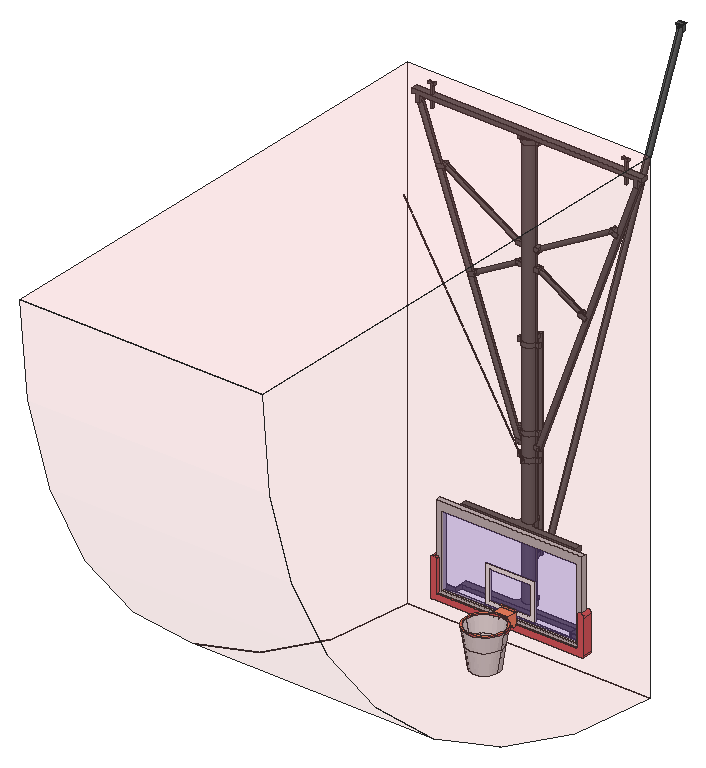
Revit family "Gymnasium-Eqpt_Basketball_IPIbybison_IP1350FF-XtraHeight", category Specialty Equipment, Revit 2018
Family settings
  Round Connector Dimension = Use Diameter
  Part Type = Normal
  Always vertical = Yes
  Cut with Voids When Loaded = No
  Shared = No
  Room Calculation Point = No
Parameters (values of type "Front Fold Rear Braced")
  Warranty Duration (Years) = 0
  Unit Weight [instance] = 0
  URL = "https://ipibybison.com/"
  Swing Clearance Visible [instance] = yes
  Specification = ""
  SpecWizard = ""
  Set Frame Below Truss Level [instance] = -0' - 1"
  Sales Information = "https://ipibybison.com/ArchitectsPage.php"
  Rim Color [instance] = Plastic - IPI by Bison - Orange OR
  Revision = "R1_01-2018"
  Product Properties = ""
  Product Data = "http://www.arcat.com/arcatcos/cos49/arc49571.html"
  Net Color [instance] = Finish - IPI by Bison - White Netting
  Model = "IP1350FF 23'"
  Manufacturer Website = "https://ipibybison.com/"
  Manufacturer Phone - Toll Free = "800-637-7968"
  Manufacturer Phone = ""
  Manufacturer Fax = "800-638-0698"
  Manufacturer Address = "603 L St  Lincoln, NE 68508"
  Manufacturer = "IPI by Bison"
  Maintenance Schedule (Months) = 0
  Installation-Fabrication = ""
  Installation Phase = ""
  Green Building-LEED = ""
  Glass [instance] = Glass
  Frame Finish [instance] = Finish - IPI by Bison - Black
  Folding Clearance [instance] = ARCAT Clearance
  F_Length of Piping Below Brace Point [instance] = 1' - 6"
  FF to Top of Hoop [instance] = 10' - 0"
  Expected Lifespan (Years) = 0
  Drawn By = "Sumex Design, Inc. / Robert S. Weygant, CSI, CDT, SCIP"
  Description = "IPI by Bison Front Folding Basketball Frame and Backboard - IP1350FF 28' as Specified"
  Copyright = "©Arcat Inc."
  Construction Details = ""
  C_Distance to Lift Cable [instance] = 6' - 6.37923"
  Backboard Type = Backboard_BA42XLGlass : Backboard_BA42XLGlass
  Backboard Square Color [instance] = Finish - IPI by Bison - White
  Backboard Padding Color [instance] = Plastic - IPI by Bison - Scarlet SC
  Backboard Frame Color [instance] = Finish - IPI by Bison - Satin Aluminum
  Backboard Distance from Wall [instance] = 7' - 0"
  B_Distance Between Y Frame Supports [instance] = 8' - 0"  # constant formula
  Available Options = "as Specified"
  A_Distance to Brace [instance] = 7' - 10"
Reference planes (in)
  plane 1 "Center (Front/Back)": y = 0
  plane 2: z = 0
  plane 3 "Center (Left/Right)": x = 0
  plane 4: y = -84
  plane 5: x = -48
  plane 6: x = 48
  plane 7: z = 120
Forms (in)
  Revolve 1, solid, material "ARCAT Clearance" <- "Folding Clearance", visible <- "Swing Clearance Visible"
    sketch origin (-24.35865, -84, 48) x (-1, 0, 0) y (0, 0, 1)
      loop
        line (35.64135, 288) -> (-84.35865, 288) -> (-84.35865, 48) -> (35.64135, 48) -> (35.64135, 288)
      axis (35.64135, 288) -> (-84.35865, 288)
    angle from 0 to 90
Dimensions and locks (in)
  "Backboard Distance from Wall": plane 4 to plane 1 "Center (Front/Back)"
  equal spacing: plane 5, plane 3 "Center (Left/Right)", plane 6
  "B_Distance Between Y Frame Supports": plane 5 to plane 6
  "FF to Top of Hoop": plane 7 to level
  locked: plane 6 to Revolve 1 sketch curve at 12
  locked: Revolve 1 sketch curve to plane 5 at 12
  locked: plane 7 to Revolve 1 sketch curve at 24
  aligned and locked: level to plane 2
  aligned and locked: nested 2 to plane 4
  aligned and locked: plane 4 to nested 1
  aligned and locked: Revolve 1 sketch curve to level
  aligned and locked: level to Revolve 1 sketch curve
Automatic sketch dimensions
  plane 6 to Revolve 1 sketch curve = 0' - 4.26312"
  Revolve 1 sketch curve to plane 5 = 0' - 0.73688"
Nested families (in)
  nested 1: "Backboard_BA42XLGlass" at (0, -84, 120) x (-1, 0, 0) z (0, 0, 1), built-in parameter 1001364 <- "FF to Top of Hoop", backboard color <- "Backboard Frame Color", backboard square color <- "Backboard Square Color", frame finish <- "Frame Finish", glass <- "Glass", rim finish <- "Rim Color", net color <- "Net Color", padding color <- "Backboard Padding Color", height offset <- "FF to Top of Hoop", type "Backboard_BA42XLGlass"
    with rim finish Plastic - IPI by Bison - Orange OR, padding color Plastic - IPI by Bison - Scarlet SC, net color Finish - IPI by Bison - White Netting, height offset 10' - 0", glass Glass, frame finish Finish - IPI by Bison - Black, backboard square color Finish - IPI by Bison - White, backboard color Finish - IPI by Bison - Satin Aluminum
  nested 2: "Frame_FFRB28" at (0, -84, 335), built-in parameter 1001364 <- "Set Frame Below Truss Level", a <- "A_Distance to Brace", b <- "B_Distance Between Y Frame Supports", f <- "F_Length of Piping Below Brace Point", frame <- "Frame Finish", c <- "C_Distance to Lift Cable", type "Frame_FFRB28"
    with frame Finish - IPI by Bison - Black, f 1' - 6", c 6' - 6.37923", b 8' - 0", a 7' - 10"
Definition of nested family "Backboard_BA42XLGlass"
  Parameters (values of type "Backboard_BA42XLGlass")
    padding color [instance] = none
    net color [instance] = none
    rim finish [instance] = none
    height offset [instance] = 9' - 6"
    glass [instance] = none
    frame finish [instance] = none
    backboard square color [instance] = none
    backboard color [instance] = none
    Default Elevation = 4' - 0"
  Reference planes (in)
    plane 1 "Center (Front/Back)": y = 0
    plane 2: z = 0
    plane 3 "Center (Left/Right)": x = 0
    plane 4: z = -114
  Forms (in)
    Extrusion 1, solid, material <- "backboard color"
      sketch origin (-8.43545, 11.2937, 28.94441) x (1, 0, 0) y (0, 0, 1)
        loop
          line (-27.56455, 6.99989) -> (-27.56455, -35.00011) -> (44.43545, -35.00011) -> (44.43545, 6.99989) -> (-27.56455, 6.99989)
        loop
          line (41.81045, 2.74989) -> (-24.93955, 2.74989) -> (-24.93955, -32.37511) -> (41.81045, -32.37511) -> (41.81045, 2.74989)
      from 1.125 to -1.125
    Extrusion 2, solid, material <- "padding color"
      sketch origin (-8.43545, 11.2937, 29.06941) x (1, 0, 0) y (0, 0, 1)
        loop
          line (-27.55038, -17.62511) -> (-27.80038, -17.62511)
          arc (-27.80038, -17.62511) -> (-29.03781, -18.13767) -> (-29.55038, -19.37511) r 1.75
          line (-29.55038, -19.37511) -> (-29.55038, -36.12511)
          arc (-29.55038, -36.12511) -> (-29.25748, -36.83222) -> (-28.55038, -37.12511) r 1
          line (-28.55038, -37.12511) -> (45.44962, -37.12511)
          arc (45.44962, -37.12511) -> (46.15673, -36.83222) -> (46.44962, -36.12511) r 1
          line (46.44962, -36.12511) -> (46.44962, -19.37511)
          arc (46.44962, -19.37511) -> (45.93706, -18.13767) -> (44.69962, -17.62511) r 1.75
          line (44.69962, -17.62511) -> (44.42127, -17.62511)
          arc (44.42127, -17.62511) -> (43.71416, -17.918) -> (43.42127, -18.62511) r 1
          line (43.42127, -18.62511) -> (43.42127, -33.98376) -> (-26.55038, -33.98376) -> (-26.55038, -18.62511)
          arc (-26.55038, -18.62511) -> (-26.84327, -17.918) -> (-27.55038, -17.62511) r 1
      from -2.18697 to 2.14819
    Revolve 3, solid, material <- "net color"
      sketch origin (-8.43545, 27.4812, 28.93687) x (1, 0, 0) y (0, 0, 1)
        loop
          circle (-0.85808, -29.24642) r 0.3125
        loop
          line (-1.03195, -29.9762) -> (0.27041, -37.36226) -> (1.80132, -48.25521) -> (2.05377, -48.25521) -> (0.51737, -37.32314) -> (-0.77809, -29.9762) -> (-1.03195, -29.9762)
        axis (8.43545, -48.25521) -> (8.43545, -29.24642)
      angle from 0 to 360
    Revolve 4, solid, material <- "rim finish"
      sketch origin (0.02792, 11.2937, 0) x (0, 1, 0) y (0, 0, 1)
        loop
          line (6.79001, -0.625) -> (6.54001, -0.625) -> (6.54001, -2.125) -> (6.79001, -2.125) -> (6.79001, -0.625)
        axis (16.04001, -2.125) -> (16.04001, -0.625)
      angle from -90 to 90
    Extrusion 5, solid, material <- "rim finish"
      sketch origin (0, 0, 0) x (0, 1, 0) y (0, 0, 1)
        loop
          line (17.69724, 0) -> (12.8212, 0) -> (13.12361, 1.21287) -> (12.79369, 1.29513) -> (12.47078, 0) -> (12.47078, -6.5) -> (13.63137, -6.5) -> (17.69724, -2.43414) -> (17.69724, 0)
      from -3.50075 to 3.49925
    Extrusion 6, solid, material <- "backboard square color"
      sketch origin (0.02792, 11.2937, 0) x (1, 0, 0) y (0, 0, 1)
        loop
          line (-12.02792, 16.0023) -> (-12.02792, -1.9977) -> (11.97208, -1.9977) -> (11.97208, 16.0023) -> (-12.02792, 16.0023)
        loop
          line (-10.02792, 14.0023) -> (-10.02792, 0) -> (9.97208, 0) -> (9.97208, 14.0023) -> (-10.02792, 14.0023)
      from -0.44333 to 0.05679
    Extrusion 7, solid, material <- "glass"
      sketch origin (0.02792, 11.2937, 0) x (1, 0, 0) y (0, 0, 1)
        loop
          line (-33.40292, 31.6943) -> (-33.40292, -3.4307) -> (33.34708, -3.4307) -> (33.34708, 31.6943) -> (-33.40292, 31.6943)
      from -0.405 to 0
    Extrusion 8, solid, material <- "frame finish"
      sketch origin (0, 11.2937, 0) x (1, 0, 0) y (0, 1, 0)
        loop
          line (-28.5, -7.7495) -> (-6, -7.7495) -> (-6, -8.1245) -> (-4.12188, -8.1245) -> (-3.02199, -10.02957)
          arc (-3.02199, -10.02957) -> (-2.89931, -12.81607) -> (-0.66175, -14.4813) r 3.25
          line (-0.66175, -14.4813) -> (-0.66175, -16.28845) -> (0.60591, -16.28845) -> (0.60591, -14.4813)
          arc (0.60591, -14.4813) -> (2.82905, -12.84298) -> (2.98938, -10.08605) r 3.25
          line (2.98938, -10.08605) -> (4.12188, -8.1245) -> (6, -8.1245) -> (6, -7.7495) -> (28.5, -7.7495) -> (28.5, -1.4995) -> (33, -1.4995) -> (33, -1.125) -> (28.25, -1.125) -> (28.25, -4.7495) -> (-28.25, -4.7495) -> (-28.25, -1.125) -> (-33, -1.125) -> (-33, -1.4995) -> (-28.5, -1.4995) -> (-28.5, -7.7495)
      from -3.4307 to -1.5237
    Extrusion 9, solid, material <- "frame finish"
      sketch origin (0, 11.2937, 0) x (1, 0, 0) y (0, 1, 0)
        loop
          line (-28.5, -7.7495) -> (-6, -7.7495) -> (-6, -8.1245) -> (-4.12188, -8.1245) -> (-3.02199, -10.02957)
          arc (-3.02199, -10.02957) -> (-2.89931, -12.81607) -> (-0.66175, -14.4813) r 3.25
          line (-0.66175, -14.4813) -> (-0.66175, -16.28845) -> (0.60591, -16.28845) -> (0.60591, -14.4813)
          arc (0.60591, -14.4813) -> (2.82905, -12.84298) -> (2.98938, -10.08605) r 3.25
          line (2.98938, -10.08605) -> (4.12188, -8.1245) -> (6, -8.1245) -> (6, -7.7495) -> (28.5, -7.7495) -> (28.5, -1.4995) -> (33, -1.4995) -> (33, -1.125) -> (28.25, -1.125) -> (28.25, -4.7495) -> (-28.25, -4.7495) -> (-28.25, -1.125) -> (-33, -1.125) -> (-33, -1.4995) -> (-28.5, -1.4995) -> (-28.5, -7.7495)
      from 31.75979 to 34.1423
  Lines and regions (in)
    model lines
      curve 1: line (-0.00075, 0, 0) -> (-0.00075, 0, -114)
  Dimensions and locks (in)
    "height offset": level to plane 4
    aligned and locked: plane 2 to level
    aligned and locked: plane 4 to curve 1
  Automatic sketch dimensions
    curve 1 to level = 0' - 0"
    curve 1 to plane 3 "Center (Left/Right)" = 0' - 0.00075"
    Extrusion 1 sketch curve to plane 3 "Center (Left/Right)" = 3' - 0"
    Extrusion 1 sketch curve to Extrusion 1 sketch curve = 0' - 2 5/8"  (x2)
    plane 3 "Center (Left/Right)" to Extrusion 1 sketch curve = 2' - 9 3/8"
    Extrusion 1 sketch curve to level = 0' - 6.0557"
    Extrusion 1 sketch curve to level = 0' - 3.4307"
    level to Extrusion 1 sketch curve = 2' - 7.6943"
    Extrusion 1 sketch curve to Extrusion 1 sketch curve = 0' - 4 1/4"
    level to Extrusion 2 sketch curve = 0' - 9.6943"
    Extrusion 2 sketch curve to plane 3 "Center (Left/Right)" = 3' - 1.98582"
    Extrusion 2 sketch curve to Extrusion 2 sketch curve = 0' - 1"  (x4)
    Extrusion 2 sketch curve to Extrusion 2 sketch curve = 0' - 1 3/4"
    Extrusion 2 sketch curve to Extrusion 2 sketch curve = 0' - 0 1/4"
    level to Extrusion 2 sketch curve = 0' - 10.4443"
    plane 3 "Center (Left/Right)" to Extrusion 2 sketch curve = 2' - 10.98582"
    Extrusion 2 sketch curve to Extrusion 2 sketch curve = 0' - 0.27835"
    Extrusion 2 sketch curve to Extrusion 2 sketch curve = 0' - 2.02835"
    Extrusion 2 sketch curve to level = 0' - 4.91435"
    Extrusion 2 sketch curve to Extrusion 2 sketch curve = 0' - 2.14135"
    Revolve 3 sketch curve to plane 3 "Center (Left/Right)" = 0' - 0"
    Revolve 3 sketch curve to plane 3 "Center (Left/Right)" = 0' - 6.38167"
    Revolve 3 sketch curve to Revolve 3 sketch curve = 0' - 0.25246"
    Revolve 3 sketch curve to plane 3 "Center (Left/Right)" = 0' - 7.91808"
    Revolve 3 sketch curve to Revolve 3 sketch curve = 0' - 0.24696"
    Revolve 3 sketch curve to level = 0' - 1.03933"
    Revolve 3 sketch curve to Revolve 3 sketch curve = 0' - 1.0485"
    Revolve 3 sketch curve to level = 0' - 0.30954"
    Revolve 3 sketch curve to Revolve 3 sketch curve = 0' - 0.07999"
    Revolve 3 sketch curve to Revolve 3 sketch curve = 0' - 0.25386"
    Revolve 3 sketch curve to Revolve 3 sketch curve = 0' - 7.34694"
    Revolve 3 sketch curve to Revolve 3 sketch curve = 0' - 0.03911"
    Revolve 3 sketch curve to Revolve 3 sketch curve = 0' - 10.89295"
    Revolve 3 sketch curve to level = 0' - 0.00754"
    level to Revolve 3 sketch curve = 0' - 2.99246"
    Revolve 4 sketch curve to level = 0' - 2 1/8"
    Revolve 4 sketch curve to plane 1 "Center (Front/Back)" = 1' - 5.83371"
    Revolve 4 sketch curve to Revolve 4 sketch curve = 0' - 0 1/4"
    Revolve 4 sketch curve to level = 0' - 0 5/8"  (x2)
    Revolve 4 sketch curve to Revolve 4 sketch curve = 0' - 9 1/4"
    level to Revolve 4 sketch curve = 0' - 3 1/8"
    Extrusion 5 sketch curve to level = 0' - 0"  (x2)
    Extrusion 5 sketch curve to plane 1 "Center (Front/Back)" = 1' - 0.47078"
    level to Extrusion 5 sketch curve = 0' - 1.29513"
    Extrusion 5 sketch curve to Extrusion 5 sketch curve = 0' - 0.32291"
    Extrusion 5 sketch curve to Extrusion 5 sketch curve = 0' - 0.35043"
    Extrusion 5 sketch curve to Extrusion 5 sketch curve = 0' - 1.16059"
    Extrusion 5 sketch curve to Extrusion 5 sketch curve = 0' - 4.57363"
    Extrusion 5 sketch curve to Extrusion 5 sketch curve = 0' - 2.43414"
    Extrusion 5 sketch curve to Extrusion 5 sketch curve = 0' - 6 1/2"
    Extrusion 6 sketch curve to level = 0' - 0"
    Extrusion 6 sketch curve to level = 0' - 1.9977"
    Extrusion 6 sketch curve to plane 3 "Center (Left/Right)" = 1' - 0"
    Extrusion 6 sketch curve to Extrusion 6 sketch curve = 0' - 2"  (x3)
    plane 3 "Center (Left/Right)" to Extrusion 6 sketch curve = 0' - 10"
    Extrusion 6 sketch curve to Extrusion 6 sketch curve = 1' - 2.0023"
    Extrusion 7 sketch curve to plane 3 "Center (Left/Right)" = 2' - 9 3/8"
    Extrusion 7 sketch curve to level = 0' - 3.4307"
    plane 3 "Center (Left/Right)" to Extrusion 7 sketch curve = 2' - 9 3/8"
    level to Extrusion 7 sketch curve = 2' - 7.6943"
    Extrusion 8 sketch curve to Extrusion 8 sketch curve = 0' - 0"  (x3)
    plane 1 "Center (Front/Back)" to Extrusion 8 sketch curve = 0' - 0"
    Extrusion 8 sketch curve to plane 1 "Center (Front/Back)" = 0' - 9.7942"
    Extrusion 8 sketch curve to plane 3 "Center (Left/Right)" = 2' - 9"
    Extrusion 8 sketch curve to plane 1 "Center (Front/Back)" = 0' - 3.5442"
    Extrusion 8 sketch curve to Extrusion 8 sketch curve = 0' - 4 1/2"  (x2)
    Extrusion 8 sketch curve to Extrusion 8 sketch curve = 0' - 0 1/4"  (x2)
    Extrusion 8 sketch curve to plane 3 "Center (Left/Right)" = 0' - 6"
    Extrusion 8 sketch curve to Extrusion 8 sketch curve = 0' - 1.87812"  (x2)
    Extrusion 8 sketch curve to Extrusion 8 sketch curve = 0' - 1.09989"
    Extrusion 8 sketch curve to plane 3 "Center (Left/Right)" = 0' - 0.66175"
    Extrusion 8 sketch curve to plane 3 "Center (Left/Right)" = 0' - 0.02792"
    plane 3 "Center (Left/Right)" to Extrusion 8 sketch curve = 0' - 0.60591"
    Extrusion 8 sketch curve to plane 1 "Center (Front/Back)" = 0' - 1.20765"
    plane 3 "Center (Left/Right)" to Extrusion 8 sketch curve = 0' - 2.98938"
    Extrusion 8 sketch curve to Extrusion 8 sketch curve = 0' - 1.1325"
    Extrusion 8 sketch curve to plane 1 "Center (Front/Back)" = 0' - 10.1687"
    Extrusion 8 sketch curve to Extrusion 8 sketch curve = 1' - 10 1/4"
    Extrusion 8 sketch curve to Extrusion 8 sketch curve = 0' - 1.80715"
    Extrusion 8 sketch curve to Extrusion 8 sketch curve = 0' - 0 3/8"  (x2)
    Extrusion 8 sketch curve to plane 1 "Center (Front/Back)" = 0' - 3.1692"
    Extrusion 8 sketch curve to Extrusion 8 sketch curve = 0' - 3"
    Extrusion 8 sketch curve to Extrusion 8 sketch curve = 0' - 0.3745"  (x2)
    Extrusion 9 sketch curve to Extrusion 9 sketch curve = 0' - 0"  (x3)
    plane 1 "Center (Front/Back)" to Extrusion 9 sketch curve = 0' - 0"
    Extrusion 9 sketch curve to plane 1 "Center (Front/Back)" = 0' - 9.7942"
    Extrusion 9 sketch curve to plane 3 "Center (Left/Right)" = 2' - 9"
    Extrusion 9 sketch curve to plane 1 "Center (Front/Back)" = 0' - 3.5442"  (x2)
    Extrusion 9 sketch curve to Extrusion 9 sketch curve = 0' - 4 1/2"  (x2)
    Extrusion 9 sketch curve to Extrusion 9 sketch curve = 0' - 0 1/4"  (x2)
    Extrusion 9 sketch curve to plane 3 "Center (Left/Right)" = 0' - 6"
    Extrusion 9 sketch curve to Extrusion 9 sketch curve = 0' - 1.87812"  (x2)
    Extrusion 9 sketch curve to Extrusion 9 sketch curve = 0' - 1.09989"
    Extrusion 9 sketch curve to plane 3 "Center (Left/Right)" = 0' - 0.66175"
    Extrusion 9 sketch curve to plane 3 "Center (Left/Right)" = 0' - 0.02792"
    plane 3 "Center (Left/Right)" to Extrusion 9 sketch curve = 0' - 0.60591"
    Extrusion 9 sketch curve to plane 1 "Center (Front/Back)" = 0' - 1.20765"
    plane 3 "Center (Left/Right)" to Extrusion 9 sketch curve = 0' - 2.98938"
    Extrusion 9 sketch curve to Extrusion 9 sketch curve = 0' - 1.1325"
    Extrusion 9 sketch curve to plane 1 "Center (Front/Back)" = 0' - 10.1687"
    Extrusion 9 sketch curve to Extrusion 9 sketch curve = 1' - 10 1/4"
    Extrusion 9 sketch curve to Extrusion 9 sketch curve = 0' - 1.80715"
    Extrusion 9 sketch curve to Extrusion 9 sketch curve = 0' - 0 3/8"
    Extrusion 9 sketch curve to plane 1 "Center (Front/Back)" = 0' - 3.1692"
    Extrusion 9 sketch curve to Extrusion 9 sketch curve = 0' - 3"
    Extrusion 9 sketch curve to Extrusion 9 sketch curve = 0' - 0.3745"  (x2)
    radius of Revolve 3 sketch curve = 0' - 0 5/16"
Definition of nested family "Frame_FFRB28"
  Parameters (values of type "Frame_FFRB28")
    frame [instance] = none
    f [instance] = 1' - 6"
    c [instance] = 6' - 6.37923"
    b [instance] = 8' - 0"  # constant formula
    a [instance] = 7' - 10"
    Default Elevation = 4' - 0"
  Reference planes (in)
    plane 1 "Center (Front/Back)": y = 0
    plane 2: z = 0
    plane 3 "Center (Left/Right)": x = 0
    plane 4: z = -4.125
    plane 5: x = -48
    plane 6: x = 48
    plane 7: z = -219
    plane 8: z = -201
    plane 9: y = -78.37923
    plane 10: y = 94
    plane 11: z = -102
  Forms (in)
    Extrusion 1, solid, material <- "frame"
      sketch origin (0, 0, 0) x (-1, 0, 0) y (0, 0, 1)
        loop
          line (-48.5, -3.57547) -> (-49.1801, -3.57547) -> (-49.1801, -4.57547) -> (-48.5, -4.57547) -> (-48.5, -14.94659) -> (-47.5, -14.94659) -> (-47.5, -4.50272) -> (-46.31181, -4.50272) -> (-46.31181, -3.67379) -> (-47.125, -3.67379) -> (-47.125, -3.45566) -> (-48.5, -3.45566) -> (-48.5, -3.57547)
        loop
          line (47.5, -3.57547) -> (46.8199, -3.57547) -> (46.8199, -4.57547) -> (47.5, -4.57547) -> (47.5, -14.94659) -> (48.5, -14.94659) -> (48.5, -4.50272) -> (49.68819, -4.50272) -> (49.68819, -3.67379) -> (48.875, -3.67379) -> (48.875, -3.45566) -> (47.5, -3.45566) -> (47.5, -3.57547)
      from -0.4375 to 0.4375
    Extrusion 2, solid, material <- "frame"
      sketch origin (0, 0, 0) x (-1, 0, 0) y (0, -1, 0)
        loop
          circle (0, 0) r 3
      from -219 to -10.81466
    Extrusion 3, solid, material <- "frame"
      sketch origin (0, 0, 0) x (-1, 0, 0) y (0, -1, 0)
        loop
          line (-5.03472, 0.60591) -> (-5.03472, -0.60591) -> (-3.12072, -0.60591)
          arc (-3.12072, -0.60591) -> (0, -3.179) -> (3.12072, -0.60591) r 3.179
          line (3.12072, -0.60591) -> (5.03472, -0.60591) -> (5.03472, 0.60591) -> (3.12072, 0.60591)
          arc (3.12072, 0.60591) -> (0, 3.179) -> (-3.12072, 0.60591) r 3.179
          line (-3.12072, 0.60591) -> (-5.03472, 0.60591)
      from -13.07366 to -11.07366
    Sweep 4, solid, material <- "frame"
      path origin (0, 0, 0) x (0, -1, 0) y (0, 0, 1)
        loop
          line (-12.23988, -196.54356) -> (-94, -3.76608)
      profile origin (0, 53.11994, -100.15482) x (0, 0.920623, -0.390452) y (-1, 0, 0)
        loop
          circle (0, 0) r 1.1875
    Extrusion 5, solid, material <- "frame"
      sketch origin (0, 0, 0) x (0, -1, 0) y (0, 0, 1)
        loop
          line (-12.98126, -194.17844) -> (-13.06305, -195.73905) -> (-4.5747, -196.18391) -> (-4.49291, -194.62329) -> (-12.98126, -194.17844)
      from -1.32288 to 1.32288
    Extrusion 6, solid, material <- "frame"
      sketch origin (0, -28.44509, -102) x (0, -1, 0) y (1, 0, 0)
        loop
          line (-27.83918, 5.03472) -> (-29.051, 5.03472) -> (-29.051, 3.12072)
          arc (-29.051, 3.12072) -> (-30.83713, 2.09384) -> (-31.61856, 0.1875) r 3.179
          line (-31.61856, 0.1875) -> (-34.62409, 0.1875) -> (-34.62409, -0.1875) -> (-31.61856, -0.1875)
          arc (-31.61856, -0.1875) -> (-30.83713, -2.09384) -> (-29.051, -3.12072) r 3.179
          line (-29.051, -3.12072) -> (-29.051, -5.03472) -> (-27.83918, -5.03472) -> (-27.83918, -3.12072)
          arc (-27.83918, -3.12072) -> (-25.26609, 0) -> (-27.83918, 3.12072) r 3.179
          line (-27.83918, 3.12072) -> (-27.83918, 5.03472)
      from 1 to -1
    Extrusion 7, solid, material <- "frame"
      sketch origin (0, 0, 0) x (-1, 0, 0) y (0, -1, 0)
        loop
          line (-5.03472, 0.60591) -> (-5.03472, -0.60591) -> (-3.12072, -0.60591)
          arc (-3.12072, -0.60591) -> (0, -3.179) -> (3.12072, -0.60591) r 3.179
          line (3.12072, -0.60591) -> (5.03472, -0.60591) -> (5.03472, 0.60591) -> (3.12072, 0.60591)
          arc (3.12072, 0.60591) -> (0, 3.179) -> (-3.12072, 0.60591) r 3.179
          line (-3.12072, 0.60591) -> (-5.03472, 0.60591)
      from -142.08066 to -140.08066
    Extrusion 8, solid, material <- "frame"
      sketch origin (0, 0, 0) x (0, -1, 0) y (0, 0, 1)
        loop
          line (-6.179, -197) -> (-6.179, -199) -> (-3.179, -202) -> (-3.179, -200) -> (-6.179, -197)
      from -0.1875 to 0.1875
    Extrusion 9, solid, material <- "frame"
      sketch origin (5.03472, -180, -201) x (-1, 0, 0) y (0, -1, 0)
        loop
          circle (5.03472, -187.12445) r 0.94999
      from 1.88343 to 100
    Extrusion 10, solid, material <- "frame"
      sketch origin (5.03472, -180, -200.99692) x (-1, 0, 0) y (0, -1, 0)
        loop
          line (0, -179.39409) -> (0, -180.60591) -> (1.914, -180.60591)
          arc (1.914, -180.60591) -> (5.03472, -183.179) -> (8.15545, -180.60591) r 3.179
          line (8.15545, -180.60591) -> (10.06945, -180.60591) -> (10.06945, -179.39409) -> (8.15545, -179.39409)
          arc (8.15545, -179.39409) -> (5.03472, -176.821) -> (1.914, -179.39409) r 3.179
          line (1.914, -179.39409) -> (0, -179.39409)
      from 46.94296 to 49.05457
    Extrusion 11, solid, material <- "frame"
      sketch origin (0, 0, 0) x (0, -1, 0) y (0, 0, 1)
        loop
          circle (4.11596, -153.00292) r 0.75
        loop
          circle (4.11596, -153.00292) r 0.39519
      from -0.1875 to 0.1875
    Sweep 12, solid, material <- "frame"
      path origin (0, 0, 0) x (0, -1, 0) y (0, 0, 1)
        loop
          line (4.11596, -153.02222) -> (77.52151, -2.66361)
      profile origin (0, -40.81874, -77.84291) x (0, 0.898627, 0.438713) y (-1, 0, 0)
        loop
          circle (0, 0) r 0.0625
    Extrusion 13, solid, material <- "frame"
      sketch origin (0, 0, -1.125) x (0, -1, 0) y (0, 0, 1)
        loop
          line (-94.625, -0.80732) -> (-94.625, -3.80732) -> (-93.375, -3.80732) -> (-93.375, -0.80732) -> (-94.625, -0.80732)
      from -1.5 to 1.5
    Extrusion 14, solid, material <- "frame"
      sketch origin (0, 0, -1.125) x (0, -1, 0) y (0, 0, 1)
        loop
          line (-95.5, -0.80732) -> (-95.5, -1.05732) -> (-92.5, -1.05732) -> (-92.5, -0.80732) -> (-95.5, -0.80732)
      from -1.5 to 1.5
    Extrusion 15, solid, material <- "frame"
      sketch origin (0, -0.03, 0) x (1, 0, 0) y (0, 0, 1)
        loop
          line (-57, -8.85715) -> (-57, -10.85715) -> (-55, -10.85715) -> (-55, -14.10715) -> (-53, -14.10715) -> (-53, -10.85715) -> (53, -10.85715) -> (53, -14.10715) -> (55, -14.10715) -> (55, -10.85715) -> (57, -10.85715) -> (57, -8.85715) -> (-57, -8.85715)
      from -1.53 to 1.47
    Sweep 16, solid, material <- "frame"
      path origin (0, -0.03, 0) x (-1, 0, 0) y (0, 0, 1)
        loop
          line (-54.25831, -12.58204) -> (-4.68934, -147.70227)
      profile origin (29.47382, -0.03, -80.14215) x (0.93882, 0, -0.344407) y (0, -1, 0)
        loop
          circle (0, 0) r 1.2175
    Extrusion 17, solid, material <- "frame"
      sketch origin (0, -0.03, 0) x (1, 0, 0) y (0, 0, 1)
        loop
          line (-44.88847, -38.1233) -> (-44.19966, -40.00094) -> (-40.5513, -38.66254) -> (-41.24011, -36.7849) -> (-44.88847, -38.1233)
        loop
          line (-29.35533, -80.46516) -> (-28.66652, -82.3428) -> (-25.14594, -81.05127) -> (-25.83475, -79.17363) -> (-29.35533, -80.46516)
        loop
          line (-2.78107, -58.17015) -> (-5.78107, -58.17015) -> (-5.78107, -60.17015) -> (-2.78107, -60.17015) -> (-2.78107, -58.17015)
        loop
          line (-2.78107, -67.17015) -> (-5.78107, -67.17015) -> (-5.78107, -69.17015) -> (-2.78107, -69.17015) -> (-2.78107, -67.17015)
        loop
          line (44.88847, -38.1233) -> (41.24011, -36.7849) -> (40.5513, -38.66254) -> (44.19966, -40.00094) -> (44.88847, -38.1233)
        loop
          line (29.35533, -80.46516) -> (25.83475, -79.17363) -> (25.14594, -81.05127) -> (28.66652, -82.3428) -> (29.35533, -80.46516)
        loop
          line (2.78107, -58.17015) -> (2.78107, -60.17015) -> (5.78107, -60.17015) -> (5.78107, -58.17015) -> (2.78107, -58.17015)
        loop
          line (2.78107, -67.17015) -> (2.78107, -69.17015) -> (5.78107, -69.17015) -> (5.78107, -67.17015) -> (2.78107, -67.17015)
        loop
          line (-2.69765, -147.99815) -> (-2.69765, -145.99815) -> (-5.69765, -145.99815) -> (-5.69765, -147.99815) -> (-2.69765, -147.99815)
        loop
          line (2.69765, -147.99815) -> (5.69765, -147.99815) -> (5.69765, -145.99815) -> (2.69765, -145.99815) -> (2.69765, -147.99815)
      from -1.42904 to 1.345
    Sweep 18, solid, material <- "frame"
      path origin (0, -0.03, 0) x (1, 0, 0) y (0, 0, 1)
        loop
          line (-42.36358, -37.61622) -> (-4.38156, -59.54515)
      profile origin (-23.37257, -0.03, -48.58069) x (0.5, 0, 0.866025) y (0, -1, 0)
        loop
          circle (0, 0) r 1
    Sweep 19, solid, material <- "frame"
      path origin (0, -0.03, 0) x (-1, 0, 0) y (0, 0, 1)
        loop
          line (-42.36358, -37.61622) -> (-4.38156, -59.54515)
      profile origin (23.37257, -0.03, -48.58069) x (0.5, 0, -0.866025) y (0, -1, 0)
        loop
          circle (0, 0) r 1
    Sweep 20, solid, material <- "frame"
      path origin (0, -0.03, 60) x (1, 0, 0) y (0, 0, 1)
        loop
          line (-26.81592, -140.66699) -> (-4.38156, -127.7145)
      profile origin (-15.59874, -0.03, -74.19074) x (-0.5, 0, 0.866025) y (0, -1, 0)
        loop
          circle (0, 0) r 1
    Sweep 21, solid, material <- "frame"
      path origin (0, -0.03, 60) x (-1, 0, 0) y (0, 0, 1)
        loop
          line (-26.81592, -140.66699) -> (-4.38156, -127.7145)
      profile origin (15.59874, -0.03, -74.19074) x (-0.5, 0, -0.866025) y (0, -1, 0)
        loop
          circle (0, 0) r 1
    Sweep 22, solid, material <- "frame"
      path origin (0, -0.03, 0) x (1, 0, 0) y (0, 0, 1)
        loop
          line (-54.25831, -12.58204) -> (-4.68934, -147.70227)
      profile origin (-29.47382, -0.03, -80.14215) x (0.93882, 0, 0.344407) y (0, -1, 0)
        loop
          circle (0, 0) r 1.2175
  Dimensions and locks (in)
    equal spacing: plane 5, plane 3 "Center (Left/Right)", plane 6
    "b": plane 5 to plane 6
    locked: level to plane 4 at 4.125
    "f": plane 8 to plane 7
    Extrusion 1 sketch curve to Extrusion 1 sketch curve to Extrusion 1 sketch curve to plane 5 to Extrusion 1 sketch curve to Extrusion 1 sketch curve to Extrusion 1 sketch curve = 0' - 0.81319" locked, 0' - 0 3/8" locked, 0' - 0 1/2" locked, 0' - 0 1/2" locked, 0' - 0" locked, 0' - 0.6801" locked
    Extrusion 1 sketch curve to Extrusion 1 sketch curve to Extrusion 1 sketch curve to plane 6 to Extrusion 1 sketch curve to Extrusion 1 sketch curve to Extrusion 1 sketch curve = 0' - 0.81319" locked, 0' - 0 3/8" locked, 0' - 0 1/2" locked, 0' - 0 1/2" locked, 0' - 0" locked, 0' - 0.6801" locked
    locked: level to Sweep 12 sketch curve at 153.02222
    locked: Sweep 12 sketch curve to plane 1 "Center (Front/Back)" at 4.11596
    "a": plane 1 "Center (Front/Back)" to plane 10
    "c": plane 9 to plane 1 "Center (Front/Back)"
    locked: Sweep 12 sketch curve to plane 4 at 1.46139
    locked: plane 9 to Sweep 12 sketch curve at 0.85771
    Extrusion 14 sketch curve to plane 10 to Extrusion 14 sketch curve = 0' - 1 1/2" locked, 0' - 1 1/2" locked
    Extrusion 13 sketch curve to plane 10 to Extrusion 13 sketch curve = 0' - 0 5/8" locked, 0' - 0 5/8" locked
    locked: plane 10 to Sweep 4 sketch curve at 0
    locked: level to Sweep 4 sketch curve at 3.76608
    locked: Sweep 4 sketch curve to plane 8 at 4.45644
    locked: plane 1 "Center (Front/Back)" to Sweep 4 sketch curve at 12.23988
    Extrusion 5 sketch curve to Extrusion 5 sketch curve to Extrusion 5 sketch curve to Extrusion 5 sketch curve to plane 8 = 0' - 0.44486" locked, 0' - 1.11576" locked, 0' - 0.44486" locked, 0' - 4.81609" locked
    Extrusion 8 sketch curve to Extrusion 8 sketch curve to Extrusion 8 sketch curve to plane 8 to Extrusion 8 sketch curve = 0' - 2" locked, 0' - 1" locked, 0' - 1" locked, 0' - 1" locked
    Extrusion 17 sketch curve to Extrusion 17 sketch curve = 0' - 2"  (x2)
    locked: level to plane 11 at 102
    locked: level to Sweep 16 sketch curve at 147.70227
    locked: Sweep 16 sketch curve to plane 3 "Center (Left/Right)" at 4.68934
    locked: plane 3 "Center (Left/Right)" to Sweep 22 sketch curve at 4.68934
    locked: level to Sweep 22 sketch curve at 147.70227
    locked: plane 11 to Extrusion 17 sketch curve at 43.99815  (x2)
    locked: level to Extrusion 11 sketch curve at 153.00292
    plane 11 to plane 8 = 8' - 3"
    aligned and locked: plane 2 to level
    aligned and locked: plane 7 to Extrusion 2
  Automatic sketch dimensions
    plane 4 to Extrusion 1 sketch curve = 0' - 0.54953"  (x2)
    Extrusion 1 sketch curve to plane 4 = 0' - 0.37772"  (x2)
    Extrusion 1 sketch curve to plane 4 = 0' - 0.45047"  (x2)
    Extrusion 1 sketch curve to Extrusion 1 sketch curve = 0' - 10.37112"  (x2)
    plane 4 to Extrusion 1 sketch curve = 0' - 0.45121"  (x2)
    Extrusion 1 sketch curve to Extrusion 1 sketch curve = 0' - 0.21814"  (x2)
    plane 1 "Center (Front/Back)" to Extrusion 2 sketch curve = 0' - 0"
    Extrusion 2 sketch curve to plane 3 "Center (Left/Right)" = 0' - 0"
    Extrusion 3 sketch curve to Extrusion 3 sketch curve = 0' - 0"  (x3)
    plane 1 "Center (Front/Back)" to Extrusion 3 sketch curve = 0' - 0"
    Extrusion 3 sketch curve to plane 3 "Center (Left/Right)" = 0' - 0"
    Extrusion 3 sketch curve to plane 1 "Center (Front/Back)" = 0' - 0.60591"  (x2)
    plane 3 "Center (Left/Right)" to Extrusion 3 sketch curve = 0' - 3.12072"
    plane 1 "Center (Front/Back)" to Extrusion 3 sketch curve = 0' - 0.60591"  (x2)
    Extrusion 3 sketch curve to Extrusion 3 sketch curve = 0' - 1.914"  (x2)
    Extrusion 3 sketch curve to plane 3 "Center (Left/Right)" = 0' - 3.12072"
    profile plane to Sweep 4 sketch curve = 0' - 0"
    Sweep 4 sketch curve to profile plane = 0' - 0"
    Extrusion 5 sketch curve to Extrusion 5 sketch curve = 0' - 0.08179"
    Extrusion 5 sketch curve to plane 1 "Center (Front/Back)" = 0' - 4.5747"
    Extrusion 7 sketch curve to Extrusion 7 sketch curve = 0' - 0"  (x3)
    plane 1 "Center (Front/Back)" to Extrusion 7 sketch curve = 0' - 0"
    Extrusion 7 sketch curve to plane 3 "Center (Left/Right)" = 0' - 0"
    Extrusion 7 sketch curve to plane 1 "Center (Front/Back)" = 0' - 0.60591"  (x2)
    plane 3 "Center (Left/Right)" to Extrusion 7 sketch curve = 0' - 3.12072"
    plane 1 "Center (Front/Back)" to Extrusion 7 sketch curve = 0' - 0.60591"  (x2)
    Extrusion 7 sketch curve to Extrusion 7 sketch curve = 0' - 1.914"  (x2)
    Extrusion 7 sketch curve to plane 3 "Center (Left/Right)" = 0' - 3.12072"
    Extrusion 8 sketch curve to plane 1 "Center (Front/Back)" = 0' - 6.179"
    Extrusion 8 sketch curve to Extrusion 8 sketch curve = 0' - 3"
    Extrusion 11 sketch curve to Extrusion 11 sketch curve = 0' - 0"  (x2)
    plane 1 "Center (Front/Back)" to Extrusion 11 sketch curve = 0' - 4.11596"
    profile plane to Sweep 12 sketch curve = 0' - 0"
    Sweep 12 sketch curve to profile plane = 0' - 0"
    Extrusion 13 sketch curve to plane 4 = 0' - 0.80732"
    Extrusion 13 sketch curve to level = 0' - 1.93232"
    plane 4 to Extrusion 14 sketch curve = 0' - 1.94268"
    Extrusion 14 sketch curve to Extrusion 14 sketch curve = 0' - 0 1/4"
    Extrusion 9 sketch curve to plane 3 "Center (Left/Right)" = 0' - 0"
    Extrusion 9 sketch curve to plane 1 "Center (Front/Back)" = 0' - 7.12445"
    Extrusion 10 sketch curve to Extrusion 10 sketch curve = 0' - 0"  (x3)
    plane 1 "Center (Front/Back)" to Extrusion 10 sketch curve = 0' - 0"
    Extrusion 10 sketch curve to plane 3 "Center (Left/Right)" = 0' - 0"
    Extrusion 10 sketch curve to plane 1 "Center (Front/Back)" = 0' - 0.60591"  (x2)
    plane 3 "Center (Left/Right)" to Extrusion 10 sketch curve = 0' - 3.12072"
    plane 1 "Center (Front/Back)" to Extrusion 10 sketch curve = 0' - 0.60591"  (x2)
    Extrusion 10 sketch curve to Extrusion 10 sketch curve = 0' - 1.914"  (x2)
    Extrusion 10 sketch curve to plane 3 "Center (Left/Right)" = 0' - 3.12072"
    plane 5 to Extrusion 15 sketch curve = 0' - 9"
    Extrusion 15 sketch curve to Extrusion 15 sketch curve = 0' - 2"  (x5)
    Extrusion 15 sketch curve to plane 6 = 0' - 5"
    Extrusion 15 sketch curve to plane 4 = 0' - 9.98215"  (x2)
    Extrusion 15 sketch curve to Extrusion 15 sketch curve = 0' - 3 1/4"  (x2)
    Extrusion 15 sketch curve to Extrusion 15 sketch curve = 0' - 0"
    plane 6 to Sweep 16 sketch curve = 0' - 6.25831"
    plane 4 to Sweep 16 sketch curve = 0' - 8 117/256"
    Sweep 16 sketch curve to profile plane = 0' - 0"  (x2)
    Extrusion 17 sketch curve to plane 5 = 0' - 3.11153"
    Extrusion 17 sketch curve to Extrusion 17 sketch curve = 0' - 0.68881"  (x4)
    Extrusion 17 sketch curve to Extrusion 17 sketch curve = 0' - 3.64836"
    Extrusion 17 sketch curve to plane 5 = 1' - 6.64467"
    Extrusion 17 sketch curve to Extrusion 17 sketch curve = 0' - 3.52058"  (x2)
    Extrusion 17 sketch curve to plane 3 "Center (Left/Right)" = 0' - 5.78107"  (x2)
    Extrusion 17 sketch curve to plane 3 "Center (Left/Right)" = 0' - 5.69765"
    Extrusion 17 sketch curve to plane 3 "Center (Left/Right)" = 0' - 2.78107"  (x2)
    Extrusion 17 sketch curve to plane 3 "Center (Left/Right)" = 0' - 2.69765"
    plane 3 "Center (Left/Right)" to Extrusion 17 sketch curve = 0' - 2.69765"
    plane 3 "Center (Left/Right)" to Extrusion 17 sketch curve = 0' - 2.78107"  (x2)
    Extrusion 17 sketch curve to Extrusion 17 sketch curve = 0' - 3"  (x3)
    Extrusion 17 sketch curve to Extrusion 17 sketch curve = 1' - 7.36487"
    plane 6 to Extrusion 17 sketch curve = 0' - 7.4487"
    plane 6 to Extrusion 17 sketch curve = 0' - 3.80034"
    Extrusion 17 sketch curve to Extrusion 17 sketch curve = 5' - 3.65535"
    Extrusion 17 sketch curve to Extrusion 17 sketch curve = 0' - 0"  (x3)
    Extrusion 17 sketch curve to Extrusion 17 sketch curve = 0' - 1.29153"  (x2)
    Extrusion 17 sketch curve to Extrusion 17 sketch curve = 0' - 10.00348"
    Extrusion 17 sketch curve to Extrusion 17 sketch curve = 0' - 2"  (x4)
    Extrusion 17 sketch curve to Extrusion 17 sketch curve = 0' - 7"
    Extrusion 17 sketch curve to level = 3' - 4.00094"  (x2)
    Extrusion 17 sketch curve to Extrusion 17 sketch curve = 0' - 1.3384"  (x2)
    Sweep 18 sketch curve to plane 5 = 0' - 5.63642"
    Sweep 18 sketch curve to plane 3 "Center (Left/Right)" = 0' - 4.38156"
    Sweep 18 sketch curve to plane 4 = 4' - 7.42015"
    Sweep 18 sketch curve to plane 4 = 2' - 9.49122"
    Sweep 18 sketch curve to profile plane = 0' - 0"  (x2)
    Sweep 19 sketch curve to plane 6 = 0' - 5.63642"
    Sweep 19 sketch curve to plane 3 "Center (Left/Right)" = 0' - 4.38156"
    plane 4 to Sweep 19 sketch curve = 4' - 7.42015"
    plane 4 to Sweep 19 sketch curve = 2' - 9.49122"
    Sweep 19 sketch curve to profile plane = 0' - 0"  (x2)
    Sweep 20 sketch curve to plane 5 = 1' - 9.18408"
    plane 8 to Sweep 20 sketch curve = 10' - 0.33301"
    Sweep 20 sketch curve to plane 3 "Center (Left/Right)" = 0' - 4.38156"
    Sweep 20 sketch curve to Sweep 20 sketch curve = 1' - 0.95249"
    Sweep 20 sketch curve to profile plane = 0' - 0"
    profile plane to Sweep 20 sketch curve = 0' - 0"
    Sweep 21 sketch curve to plane 6 = 1' - 9.18408"
    Sweep 21 sketch curve to plane 8 = 10' - 0.33301"
    Sweep 21 sketch curve to plane 3 "Center (Left/Right)" = 0' - 4.38156"
    Sweep 21 sketch curve to Sweep 21 sketch curve = 1' - 0.95249"
    Sweep 21 sketch curve to profile plane = 0' - 0"
    profile plane to Sweep 21 sketch curve = 0' - 0"
    plane 5 to Sweep 22 sketch curve = 0' - 6.25831"
    Sweep 22 sketch curve to plane 4 = 0' - 8 117/256"
    Sweep 22 sketch curve to profile plane = 0' - 0"  (x2)
    Extrusion 6 sketch curve to Extrusion 6 sketch curve = 0' - 0"  (x9)
    plane 1 "Center (Front/Back)" to Extrusion 6 sketch curve = 0' - 0"
    Extrusion 6 sketch curve to plane 3 "Center (Left/Right)" = 0' - 0"
    Extrusion 6 sketch curve to plane 1 "Center (Front/Back)" = 0' - 0.60591"  (x2)
    plane 3 "Center (Left/Right)" to Extrusion 6 sketch curve = 0' - 0 3/16"
    Extrusion 6 sketch curve to plane 1 "Center (Front/Back)" = 0' - 3.17347"
    Extrusion 6 sketch curve to plane 3 "Center (Left/Right)" = 0' - 0 3/16"
    Extrusion 6 sketch curve to Extrusion 6 sketch curve = 0' - 3.00553"
    plane 1 "Center (Front/Back)" to Extrusion 6 sketch curve = 0' - 0.60591"  (x2)
    Extrusion 6 sketch curve to Extrusion 6 sketch curve = 0' - 1.914"  (x2)
    radius of Extrusion 2 sketch curve = 0' - 3"
    radius of Sweep 4 sketch curve = 0' - 1 3/16"
    radius of Extrusion 11 sketch curve = 0' - 0 3/4"
    radius of Extrusion 11 sketch curve = 0' - 0.39519"
    radius of Sweep 12 sketch curve = 0' - 0 1/16"
    radius of Extrusion 9 sketch curve = 0' - 0.94999"
    radius of Sweep 16 sketch curve = 0' - 1.2175"
    radius of Sweep 18 sketch curve = 0' - 1"
    radius of Sweep 19 sketch curve = 0' - 1"
    radius of Sweep 20 sketch curve = 0' - 1"
    radius of Sweep 21 sketch curve = 0' - 1"
    radius of Sweep 22 sketch curve = 0' - 1.2175"
